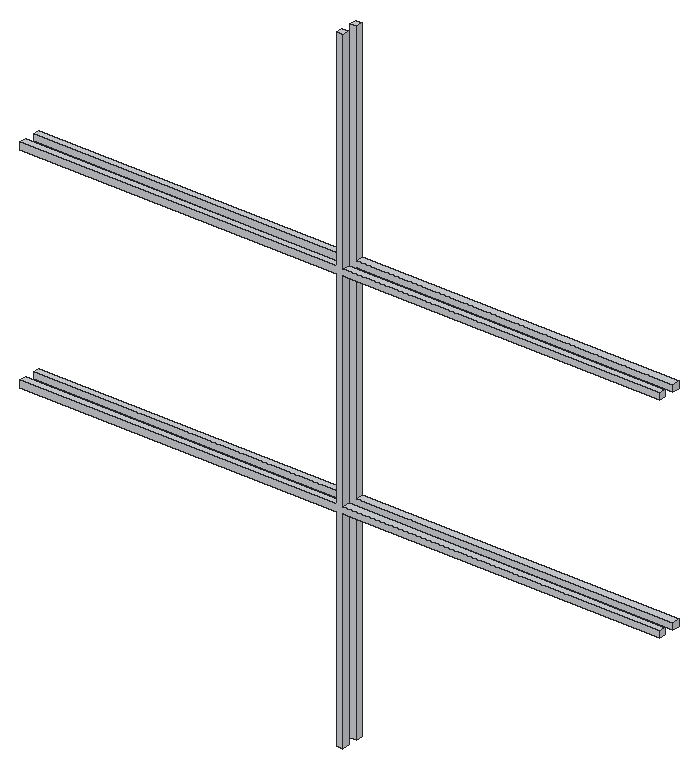
Revit family "M_Padrão do montante_2x3", category Modelos genéricos, Revit 2019
Family settings
  Pode hospedar o vergalhão = Não
  Cota do conector redondo = Utilizar diâmetro
  Tipo de parte = Normal
  Com base no plano de trabalho = Não
  Sempre na vertical = Sim
  Corte com vazios quando carregada = Não
  Compartilhado = Sim
  Ponto de cálculo do ambiente = Não
Parameters
  Largura [instance] = 1200 mm
  Espessura = 12.7 mm
  Altura [instance] = 1200 mm
  Material interior [instance] = none
  Material externo [instance] = none
  Distância = 19.05 mm
Reference planes
  plane 1 "Centro (Frente/Trás)": y = 0
  plane 2: z = 0
  plane 3 "Centro (Esquerda/Direita)": x = 0
  plane 4: z = 1200
  plane 5: x = -600
  plane 6: x = 600
  plane 7: z = 600
  plane 8 "a": y = 9.525
  plane 9 "b": y = -9.525
  plane 10: y = 22.225
  plane 11: y = -22.225
  plane 12: z = 806.35
  plane 13: z = 793.65
  plane 14: z = 406.35
  plane 15: z = 393.65
  plane 16: z = 800
  plane 17: z = 400
  plane 18: x = -6.35
  plane 19: x = 6.35
Forms (mm)
  Extrusion 1, solid, material <- "Material externo", detail levels fine
    sketch origin (0, 9.525, 0) x (-1, 0, 0) y (0, 0, 1)
      loop
        line (600, 806.35) -> (6.35, 806.35) -> (6.35, 1200) -> (-6.35, 1200) -> (-6.35, 806.35) -> (-600, 806.35) -> (-600, 793.65) -> (-6.35, 793.65) -> (-6.35, 406.35) -> (-600, 406.35) -> (-600, 393.65) -> (-6.35, 393.65) -> (-6.35, 0) -> (6.35, 0) -> (6.35, 393.65) -> (600, 393.65) -> (600, 406.35) -> (6.35, 406.35) -> (6.35, 793.65) -> (600, 793.65) -> (600, 806.35)
    from 0 to 12.7
  Extrusion 2, solid, material <- "Material interior", detail levels fine
    sketch origin (0, -9.525, 0) x (-1, 0, 0) y (0, 0, 1)
      loop
        line (6.35, 1200) -> (-6.35, 1200) -> (-6.35, 806.35) -> (-600, 806.35) -> (-600, 793.65) -> (-6.35, 793.65) -> (-6.35, 406.35) -> (-600, 406.35) -> (-600, 393.65) -> (-6.35, 393.65) -> (-6.35, 0) -> (6.35, 0) -> (6.35, 393.65) -> (600, 393.65) -> (600, 406.35) -> (6.35, 406.35) -> (6.35, 793.65) -> (600, 793.65) -> (600, 806.35) -> (6.35, 806.35) -> (6.35, 1200)
    from -12.7 to 0
Lines and regions (mm)
  model lines, detail levels medium
    curve 1: line (-600, 9.525, 800) -> (600, 9.525, 800)
    curve 2: line (-600, 9.525, 400) -> (600, 9.525, 400)
    curve 3: line (0, 9.525, 1200) -> (0, 9.525, 0)
    curve 4: line (-600, -9.525, 800) -> (600, -9.525, 800)
    curve 5: line (-600, -9.525, 400) -> (600, -9.525, 400)
    curve 6: line (0, -9.525, 0) -> (0, -9.525, 1200)
Dimensions and locks
  equal spacing: plane 6, plane 3 "Centro (Esquerda/Direita)", plane 5
  "Largura": plane 6 to plane 5
  "Altura": plane 4 to plane 2
  equal spacing: plane 4, plane 7, plane 2
  equal spacing: plane 8 "a", plane 1 "Centro (Frente/Trás)", plane 9 "b"
  "Distância": plane 8 "a" to plane 9 "b"
  Extrusion 1 sketch curve to curve 1 to Extrusion 1 sketch curve = 6.35 mm locked, 6.35 mm locked
  Extrusion 1 sketch curve to curve 2 to Extrusion 1 sketch curve = 6.35 mm locked, 6.35 mm locked
  locked: plane 3 "Centro (Esquerda/Direita)" to Extrusion 1 sketch curve at 6.35
  locked: Extrusion 1 sketch curve to plane 3 "Centro (Esquerda/Direita)" at 6.35
  equal spacing: plane 4, plane 16, plane 17, level
  "Espessura": plane 10 to plane 8 "a"
  "Espessura": plane 9 "b" to plane 11
  equal spacing: plane 18, plane 3 "Centro (Esquerda/Direita)", plane 19
  locked: plane 12 to plane 13 at 12.7
  locked: plane 18 to plane 19 at 12.7
  equal spacing: plane 12, plane 16, plane 13
  equal spacing: plane 14, plane 17, plane 15
  locked: plane 14 to plane 15 at 12.7
  aligned and locked: plane 2 to level
  aligned and locked: Extrusion 1 sketch curve to Extrusion 1 sketch curve  (x3)
  aligned and locked: Extrusion 1 sketch curve to plane 5  (x2)
  aligned and locked: Extrusion 1 sketch curve to plane 6  (x2)
  aligned and locked: plane 5 to curve 1
  aligned and locked: plane 5 to curve 2
  aligned and locked: plane 6 to curve 2
  aligned and locked: plane 6 to curve 1
  aligned and locked: plane 2 to curve 3
  aligned and locked: plane 4 to curve 3
  aligned and locked: Extrusion 1 to plane 10
  aligned and locked: Extrusion 1 to plane 8 "a"
  aligned and locked: curve 1 to plane 16
  aligned and locked: curve 2 to plane 17
  aligned and locked: curve 3 to plane 3 "Centro (Esquerda/Direita)"
  aligned and locked: plane 4 to Extrusion 2 sketch curve
  aligned and locked: Extrusion 2 sketch curve to plane 18
  aligned and locked: plane 12 to Extrusion 2 sketch curve
  aligned and locked: Extrusion 2 sketch curve to plane 5  (x2)
  aligned and locked: Extrusion 2 sketch curve to plane 13
  aligned and locked: plane 18 to Extrusion 2 sketch curve  (x2)
  aligned and locked: plane 14 to Extrusion 2 sketch curve
  aligned and locked: Extrusion 2 sketch curve to plane 15  (x2)
  aligned and locked: Extrusion 2 sketch curve to level
  aligned and locked: Extrusion 2 sketch curve to plane 19  (x3)
  aligned and locked: plane 6 to Extrusion 2 sketch curve  (x2)
  aligned and locked: Extrusion 2 sketch curve to plane 14
  aligned and locked: plane 13 to Extrusion 2 sketch curve
  aligned and locked: Extrusion 2 sketch curve to plane 12
  aligned and locked: curve 4 to plane 16
  aligned and locked: plane 6 to curve 4
  aligned and locked: plane 5 to curve 4
  aligned and locked: plane 5 to curve 5
  aligned and locked: curve 5 to plane 17
  aligned and locked: plane 6 to curve 5
  aligned and locked: plane 4 to curve 6
  aligned and locked: plane 3 "Centro (Esquerda/Direita)" to curve 6
  aligned and locked: level to curve 6
  aligned and locked: Extrusion 2 to plane 11
  aligned and locked: plane 9 "b" to Extrusion 2
Automatic sketch dimensions
  Extrusion 1 sketch curve to level = 0 mm
  Extrusion 1 sketch curve to plane 4 = 0 mm
  plane 3 "Centro (Esquerda/Direita)" to Extrusion 1 sketch curve = 6.35 mm  (x2)
  Extrusion 1 sketch curve to plane 3 "Centro (Esquerda/Direita)" = 6.35 mm  (x2)
  Extrusion 1 sketch curve to Extrusion 1 sketch curve = 12.7 mm
